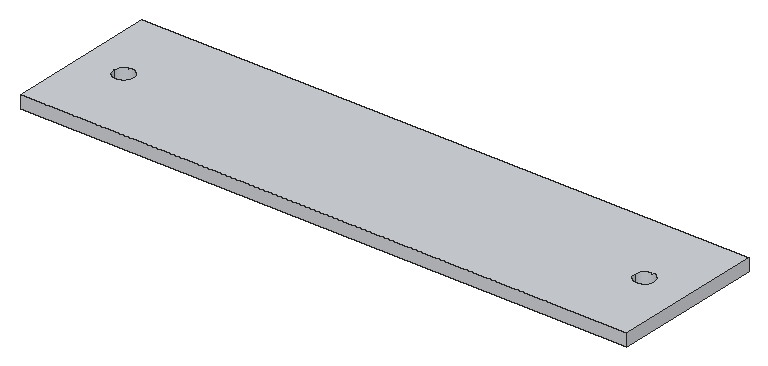
Revit family "Trench Cover 3", category Plumbing Fixtures, Revit 2022
Family settings
  Round Connector Dimension = Use Diameter
  Part Type = Normal
  Work Plane-Based = Yes
  Always vertical = No
  Cut with Voids When Loaded = No
  Maintain Annotation Orientation = No
  Shared = No
  Room Calculation Point = No
Parameters
  Width [instance] = 300 mm
  Thickness [instance] = 25 mm
  Length [instance] = 1200 mm
  Default Elevation = 1219.2 mm
Reference planes
  plane 1 "Center (Front/Back)": y = 0
  plane 2: z = 0
  plane 3 "Center (Left/Right)": x = 0
  plane 4: y = 150
  plane 5: y = -150
  plane 6: z = 25
  plane 7: x = -600
  plane 8: x = 600
  plane 9: x = -515
  plane 10: x = 515
Forms (mm)
  Extrusion 1, solid
    sketch origin (0, 0, 0) x (1, 0, 0) y (0, 1, 0)
      loop
        line (-600, 150) -> (-600, -150) -> (600, -150) -> (600, 150) -> (-600, 150)
    from 0 to 25
  Extrusion 2, void
    sketch origin (0, 0, 0) x (1, 0, 0) y (0, 1, 0)
      loop
        circle (-515, 0) r 20
      loop
        circle (515, 0) r 20
    from 0 to 25
Cuts and joins
  Extrusion 2 cuts Extrusion 1
Dimensions and locks
  "Thickness": plane 6 to level
  equal spacing: plane 7, plane 3 "Center (Left/Right)", plane 8
  "Length": plane 7 to plane 8
  equal spacing: plane 4, plane 1 "Center (Front/Back)", plane 5
  "Width": plane 5 to plane 4
  locked: plane 7 to plane 9 at 85
  locked: plane 10 to plane 8 at 85
  aligned and locked: level to plane 2
  aligned and locked: Extrusion 1 sketch curve to plane 4
  aligned and locked: Extrusion 1 sketch curve to plane 5
  aligned and locked: Extrusion 1 to plane 7
  aligned and locked: plane 8 to Extrusion 1
  aligned and locked: plane 6 to Extrusion 2
  aligned and locked: plane 6 to Extrusion 1
Automatic sketch dimensions
  plane 8 to Extrusion 1 sketch curve = 0 mm
  Extrusion 1 sketch curve to plane 7 = 0 mm
  plane 1 "Center (Front/Back)" to Extrusion 2 sketch curve = 0 mm  (x2)
  Extrusion 2 sketch curve to plane 9 = 0 mm
  Extrusion 2 sketch curve to plane 10 = 0 mm
  radius of Extrusion 2 sketch curve = 20 mm  (x2)
